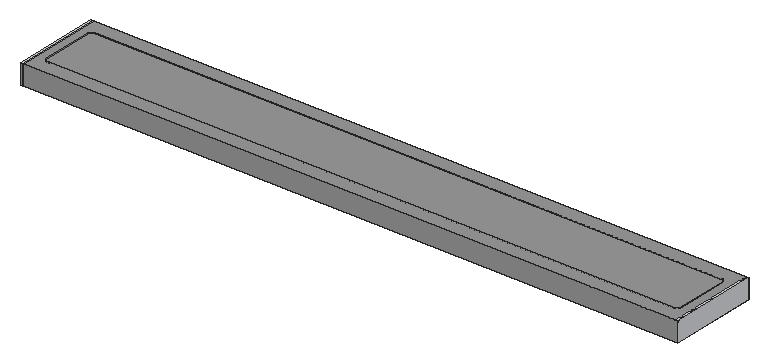
Revit family "2021702", category Lighting Fixtures, host Face, Revit 2018
Family settings
  Host = Face
  Round Connector Dimension = Use Diameter
  Part Type = Normal
  OmniClass Number = 23.80.70.00
  OmniClass Title = Lighting
  Cut with Voids When Loaded = No
  Light Source = Yes
  Shared = No
  Room Calculation Point = No
Parameters (values of type "2021702 OPTIX S 1500 MPO D 4K")
  spacer height = 5 mm
  spacer centres = 1000 mm
  lens width = 1135 mm
  full length = 1500 mm
  Width = 200 mm
  Weight = "n/a"
  Wattage Comments = ""
  Wattage = 9.2903 W
  WarrantyStartDate [instance] = "n/a"
  WarrantyGuarantorParts = "n/a"
  WarrantyDurationUnit = "n/a"
  WarrantyDurationParts = ""
  WarrantyDescription = "http://www.sylvania-lighting.com"
  built-in parameter 1150110 = 1 (stored number, unit not read)
  Voltage = 0 V
  URL = "1"
  TypeName = "OPTIX SURFACE 1500 MPO D 4000K"
  Type Image = <None>
  Type Comments = "n/a"
  built-in parameter 1114217 = 1 (stored number, unit not read)
  Tilt Angle = 90.00°
  built-in parameter 1150109 = 1 (stored number, unit not read)
  built-in parameter 1150134 = 3
  built-in parameter 1150113 = 1 (stored number, unit not read)
  SerialNumber [instance] = "n/a"
  Photometric Web File = "2021702.ies"
  Material_3_FEILO = none
  PowerFactor = 0
  PowerConsumption = "Lighting"
  NominalLength = 200 mm
  NominalHeight = 0 mm
  NominalDepth = 0 mm
  Name = "OPTIX SURFACE 1500 MPO D 4000K"
  ModelReference = Name  # "OPTIX SURFACE 1500 MPO D 4000K"
  ModelNumber = "2021702"
  Model = Name  # "OPTIX SURFACE 1500 MPO D 4000K"
  Material = "Feilo Sylvania"
  ManufacturerName = "121 lm/W"
  Manufacturer = ""
  LuminousEfficacy = ""
  built-in parameter 1150105 = 109.82 (stored number, unit not read)
  Lumens = 1380 lm
  LuminaireType = "0"
  built-in parameter 1150115 = 1 (stored number, unit not read)
  LightOutputRatio = "LED"
  built-in parameter 1150137 = (empty or 0)
  built-in parameter 1150139 = (empty or 0)
  Lens Width = 135 mm
  Length = 1188 mm
  LampsType = Lamp  # "n/a"
  LampNominalLuminous = "4000 K"
  LampMacAdamStep = "80"
  LampColourTemperature = "LED"
  LampColourRenderingIndex = "16500"
  built-in parameter 1150112 = 1 (stored number, unit not read)
  built-in parameter 1150114 = 1 (stored number, unit not read)
  Lamp = "n/a"
  Keynote = "n/a"
  InstallationDate [instance] = "n/a"
  InputVoltage = "0"
  InputNominalFrequency = "4000"
  built-in parameter 1150132 = (empty or 0)
  built-in parameter 1150102 = (empty or 0)
  built-in parameter 1150107 = 3200 (stored number, unit not read)
  built-in parameter 1150138 = (empty or 0)
  IngressProtection = "IfcLightFixtureType"
  ImpactProtectionIndex = "IfcLightFixtureType"
  built-in parameter 1150106 = 1.0982 (stored number, unit not read)
  IfcExportType = "IfcLightFixtureType"
  IfcExportAs = "Class I"
  Height = 50 mm
  ExpectedLife = 50000
  Emit from Circle Diameter = 609.6 mm
  Emit Shape Visible in Rendering = no
  ElectricShockClassification = "121"
  built-in parameter 1150104 = 13.8 (stored number, unit not read)
  DurationUnit = "hours"
  DocumentationLiterature = "http://www.sylvania-lighting.com/product/en-int/products/2021702"
  DimmingControlOptions = "n/a"
  Material_2_FEILO = none
  Dimming Lamp Color Temperature Shift = <None>
  Description = "OPTIX SURFACE 1500 MPO D 4000K is a high efficacy low glare surface or suspended LED Linear luminaire with Micro Prismatic diffuser, with direct light distribution, luminaire dimensions: 1500x200x50mm, Sylvania White body colour (RAL9016), IP20, IK07, Constant Current driver, low LED flicker (+/-5%), Neutral White (4000K) LED Colour Temperature, 4350lm luminous flux, 36W power consumption, 121lm/W system efficacy, CRI>80, SDCM 3 (3-step MacAdam ellipse) LED Colour Consistency, UGR<20, Luminance at 65° < 3000 cd/m2, lumen maintenance: L90B50 at 71000h, photobiological safety risk group 1. Electrical protection Class I."
  Default Elevation = 1219.2 mm
  CreatedOn = "31/01/2022"
  CreatedBy = "@sylvania-lighting.com"
  Cost = 0
  Color Filter = 16777215
  built-in parameter 1114216 [instance] = (empty or 0)
  ClassificationValue = "EF_70_80"
  ClassificationName = "Uniclass2015"
  Material_1_FEILO = none
  BarCode [instance] = "n/a"
  built-in parameter 1114218 = 1 (stored number, unit not read)
  built-in parameter 1150133 = 10 (stored number, unit not read)
  AssetType = "Fixed"
  AssetIdentifier [instance] = "n/a"
  Assembly Code = "D5020200"
  Apparent Load = 36 VA
  Material_4_FEILO = none
Reference planes
  plane 1 "Center (Front/Back)": y = 0
  plane 2: z = 0
  plane 3 "Center (Left/Right)": x = 0
  plane 4: z = 0
  plane 5: z = 50
  plane 6: y = 100
  plane 7: y = -100
  plane 8: x = -594
  plane 9: x = 594
  plane 10: z = 5
  plane 11: x = -500
  plane 12: x = 500
  plane 13: y = 10
  plane 14: y = -10
  plane 15: x = 487.5
  plane 16: x = 512.5
  plane 17: x = -512.5
  plane 18: x = -487.5
  plane 19: x = -567.5
  plane 20: x = 567.5
  plane 21: y = 67.5
  plane 22: y = -67.5
  plane 23: x = -557.5
  plane 24: y = 57.5
  plane 25: y = -57.5
  plane 26: x = 557.5
  plane 27: x = -750
  plane 28: x = 750
  plane 29: x = -700.314
  plane 30: x = 723.5
  plane 31: x = -671.814
  plane 32: x = 695
  plane 33: x = -744
  plane 34: x = 744
Forms (mm)
  Extrusion 1, solid, material "Aluminum 1100-H18", detail levels medium+fine
    sketch origin (4.2, 0, 0) x (1, 0, 0) y (0, 1, 0)
      loop
        line (-754.2, 100) -> (-754.2, -100) -> (745.8, -100) -> (745.8, 100) -> (-754.2, 100)
    from 5 to 50
  Extrusion 2, solid
    sketch origin (186.707, 0, 0) x (1, 0, 0) y (0, 1, 0)
      loop
        line (483.3, 10) -> (483.3, -10) -> (508.3, -10) -> (508.3, 10) -> (483.3, 10)
    from 0 to 5
  Extrusion 3, solid
    sketch origin (-155.18, 0, 0) x (1, 0, 0) y (0, 1, 0)
      loop
        line (-516.7, 10) -> (-516.7, -10) -> (-491.7, -10) -> (-491.7, 10) -> (-516.7, 10)
    from 0 to 5
  Extrusion 4, void, detail levels fine
    sketch origin (4.2, 0, 0) x (0, 1, 0) y (1, 0, 0)
      loop
        line (67.5, -717.7) -> (67.5, 709.3)
        arc (67.5, 709.3) -> (64.571, 716.371) -> (57.5, 719.3) r 10
        line (57.5, 719.3) -> (-57.5, 719.3)
        arc (-57.5, 719.3) -> (-64.571, 716.371) -> (-67.5, 709.3) r 10
        line (-67.5, 709.3) -> (-67.5, -717.7)
        arc (-67.5, -717.7) -> (-64.571, -724.771) -> (-57.5, -727.7) r 10
        line (-57.5, -727.7) -> (57.5, -727.7)
        arc (57.5, -727.7) -> (64.571, -724.771) -> (67.5, -717.7) r 10
    from -50 to -48
  Extrusion 5, solid, detail levels medium+fine
    sketch origin (4.2, 0, 0) x (1, 0, 0) y (0, 1, 0)
      loop
        line (-754.2, 100) -> (-754.2, -100) -> (-748.2, -100) -> (-748.2, 100) -> (-754.2, 100)
    from 5 to 50
  Extrusion 6, solid, detail levels medium+fine
    sketch origin (4.2, 0, 0) x (1, 0, 0) y (0, 1, 0)
      loop
        line (739.8, 100) -> (739.8, -100) -> (745.8, -100) -> (745.8, 100) -> (739.8, 100)
    from 5 to 50
  Extrusion 7, solid, material "Glass, White, High Luminance", detail levels fine
    sketch origin (4.2, 0, 0) x (1, 0, 0) y (0, 1, 0)
      loop
        arc (-717.7, 67.5) -> (-724.771, 64.571) -> (-727.7, 57.5) r 10
        line (-727.7, 57.5) -> (-727.7, -57.5)
        arc (-727.7, -57.5) -> (-724.771, -64.571) -> (-717.7, -67.5) r 10
        line (-717.7, -67.5) -> (709.3, -67.5)
        arc (709.3, -67.5) -> (716.371, -64.571) -> (719.3, -57.5) r 10
        line (719.3, -57.5) -> (719.3, 57.5)
        arc (719.3, 57.5) -> (716.371, 64.571) -> (709.3, 67.5) r 10
        line (709.3, 67.5) -> (-717.7, 67.5)
    from 48 to 49.5
  Extrusion 8, solid, detail levels coarse
    sketch origin (4.2, 0, 0) x (1, 0, 0) y (0, 1, 0)
      loop
        line (-754.2, 100) -> (-754.2, -100) -> (745.8, -100) -> (745.8, 100) -> (-754.2, 100)
    from 0 to 50
Cuts and joins
  Extrusion 4 cuts Extrusion 2
  Extrusion 4 cuts Extrusion 3
  Extrusion 4 cuts Extrusion 1
Dimensions and locks
  "Width": plane 6 to plane 7
  equal spacing: plane 6, plane 1 "Center (Front/Back)", plane 7
  "Length": plane 8 to plane 9
  equal spacing: plane 8, plane 3 "Center (Left/Right)", plane 9
  "spacer height": plane 10 to host face
  "Height": plane 5 to level
  "spacer centres": plane 11 to plane 12
  equal spacing: plane 11, plane 3 "Center (Left/Right)", plane 12
  "lens width": plane 19 to plane 20
  equal spacing: plane 19, plane 3 "Center (Left/Right)", plane 20
  "Lens Width": plane 21 to plane 22
  equal spacing: plane 21, plane 1 "Center (Front/Back)", plane 22
  "full length": plane 27 to plane 28
  equal spacing: plane 27, plane 3 "Center (Left/Right)", plane 28
  aligned and locked: plane 2 to host face
  aligned and locked: level to host face
Automatic sketch dimensions
  host sketch curve to host sketch curve = 2438.4 mm  (x2)
  Extrusion 1 sketch curve to plane 7 = 0 mm
  Extrusion 1 sketch curve to plane 8 = 156 mm
  plane 9 to Extrusion 1 sketch curve = 156 mm
  Extrusion 1 sketch curve to plane 6 = 0 mm
  Extrusion 2 sketch curve to plane 14 = 0 mm
  plane 15 to Extrusion 2 sketch curve = 182.507 mm
  plane 16 to Extrusion 2 sketch curve = 182.507 mm
  Extrusion 2 sketch curve to plane 13 = 0 mm
  Extrusion 3 sketch curve to plane 14 = 0 mm
  Extrusion 3 sketch curve to plane 17 = 159.38 mm
  Extrusion 3 sketch curve to plane 18 = 159.38 mm
  Extrusion 3 sketch curve to plane 13 = 0 mm
  Extrusion 4 sketch curve to plane 22 = 0 mm
  Extrusion 4 sketch curve to plane 19 = 156 mm
  Extrusion 4 sketch curve to plane 25 = 0 mm  (x2)
  plane 20 to Extrusion 4 sketch curve = 156 mm
  Extrusion 4 sketch curve to plane 24 = 0 mm  (x2)
  Extrusion 4 sketch curve to plane 23 = 156 mm
  Extrusion 5 sketch curve to plane 7 = 0 mm
  Extrusion 5 sketch curve to plane 27 = 0 mm
  Extrusion 5 sketch curve to plane 8 = 150 mm
  Extrusion 5 sketch curve to plane 6 = 0 mm
  Extrusion 6 sketch curve to plane 7 = 0 mm
  plane 9 to Extrusion 6 sketch curve = 150 mm
  Extrusion 6 sketch curve to plane 28 = 0 mm
  Extrusion 6 sketch curve to plane 6 = 0 mm
  Extrusion 7 sketch curve to plane 23 = 156 mm  (x2)
  Extrusion 7 sketch curve to plane 21 = 0 mm
  Extrusion 7 sketch curve to plane 22 = 0 mm
  plane 26 to Extrusion 7 sketch curve = 156 mm  (x2)
  plane 20 to Extrusion 7 sketch curve = 156 mm
  Extrusion 7 sketch curve to plane 24 = 0 mm
  Extrusion 8 sketch curve to plane 7 = 0 mm
  Extrusion 8 sketch curve to plane 27 = 0 mm
  Extrusion 8 sketch curve to plane 28 = 0 mm
  Extrusion 8 sketch curve to plane 6 = 0 mm
Connectors
  electrical at (0, 0, 0), driven by "Apparent Load", driven by "PowerFactor", driven by "Voltage"
    settings: index 1, voltage 0 V, apparent load 36 VA, apparent load phase1 0 VA, apparent load phase2 0 VA, apparent load phase3 0 VA, power factor 0, load classification "Lighting", number of poles 1, system type 30, power factor state 1, is connector primary yes, connector utility no, sub classification motor no, connector description ""
